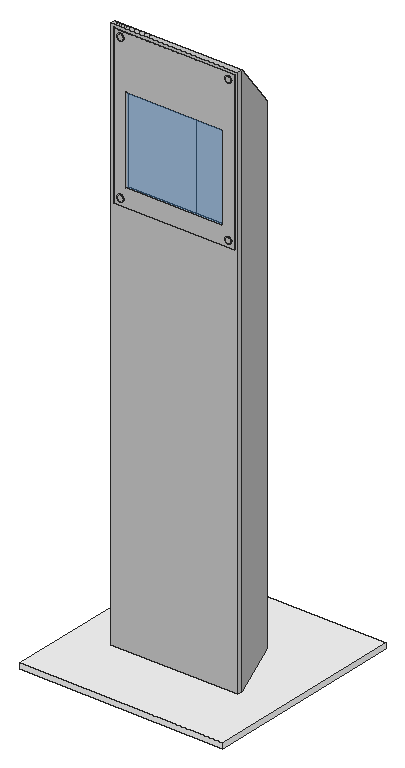
Revit family "BE_99560_de_DE", category Leuchten, Revit 2015
Parameters (values of type "BEGA_99560_Silber_K4")
  built-in parameter 1150104 = 14.662 (stored number, unit not read)
  Wattage = 17.9 W
  Default Elevation = 0 mm
  built-in parameter 1150113 = 1 (stored number, unit not read)
  built-in parameter 1114218 = 1 (stored number, unit not read)
  Umgebungstemperatur = ""
  URL = "http://www.bega.de/produkt/99560"
  Typenkommentare = "© 2016 BEGA. Wir behalten uns das Recht vor, technische Änderungen ohne vorherige Ankündigung vorzunehmen."  # constant formula
  Type Image = 99560.png
  built-in parameter 1150134 = 12
  built-in parameter 1150109 = 1 (stored number, unit not read)
  Strom = ""
  built-in parameter 1150110 = 1 (stored number, unit not read)
  Spannung = 239.996 V
  Sonderanfertigung = no
  Seriennummer [instance] = "Hier können Sie die eindeutige Seriennummer für das Facility Management eintragen."
  Schutzklasse = "I"
  Schutzart = "IP 65"
  Scheinlast = 0 VA
  Produktdatenblatt = "http://www.bega.de/download/Xrfa/db/99560.db.de.pdf"
  Oberflächentemperatur = ""
  Neigungswinkel = 0.00°
  Modell = "99560AK4"
  Material_18 = BEGA_Gummi_schwarz
  Material_17 = BEGA_Reflektor
  Material_15 = BEGA_Leuchtmedium_matt
  Material_11 = BEGA_Glas_opal
  Material_10 = BEGA_Glas_matt
  Material_09 = BEGA_Glas_klar
  Material_06 = BEGA_Oberfläche_Edelstahl_gebürstet
  Material_03 = BEGA_Oberfläche_Weiss_matt
  Material_02 = BEGA_Oberfläche_Silber_matt
  Material_01 [instance] = BEGA_Oberfläche_Grafit_matt
  M_W = no
  M_G = no
  M_A = yes
  Logo = 0
  built-in parameter 1114217 = 1 (stored number, unit not read)
  built-in parameter 1150139 = (empty or 0)
  built-in parameter 1150105 = 224.8 (stored number, unit not read)
  built-in parameter 1150114 = 1 (stored number, unit not read)
  Lumens = 2824.98 lm
  built-in parameter 1150115 = 1 (stored number, unit not read)
  Leuchtenlichtstrom = "1681 lm"
  Leuchtenanzahl = ""
  Lebensdauerkriterien = "L70 = 50.000 h"
  Lastklassifizierung = Beleuchtung
  built-in parameter 1150112 = 1 (stored number, unit not read)
  Lampenlichtstrom = "2825 lm"
  Lampe = "LED 17.9 W"
  LED_Modulbezeichnung = "LED-0503/940 "
  built-in parameter 1150142 = (empty or 0)
  Hersteller = "BEGA"  # constant formula
  Halbstreuwinkel = ""
  Gewicht = "9.3 kg"
  Gebrauchslageneinschränkung [instance] = ""
  Frequenz = "0/50-60 Hz"
  Farbwiedergabeindex = "Ra > 90"
  Farbtemperaturverschiebung bei Dämpfen der Lampe = <Keine Auswahl>
  Farbtemperatur = "4000 K"
  Farbfilter = 16777215
  Erdstück = yes
  built-in parameter 1150133 = 10 (stored number, unit not read)
  Energieeffizienzklasse = "LED A++ - A"
  built-in parameter 1150137 = (empty or 0)
  built-in parameter 1150132 = (empty or 0)
  ENEC = ""
  Dimmbar [instance] = ""
  Datei für fotometrisches Netz = "BE_99560K4.IES"
  CE_Konformität = "ja"
  Bestellnummer_Erdstück = ""
  Bestellnummer = "99560AK4"
  Beschreibung_Sonderanfertigung = "Hier können Sie Informationen zur Sonderanfertigung eintragen."
  Beschreibung = "Pollerleuchte"
  built-in parameter 1150106 = 2.248 (stored number, unit not read)
  Befestigungsbohrung = ""
  Befestigungsabstand = ""
  Ballwurfsicher = ""
  BEGA_Intern_aus = yes
  BEGA_Intern_an = yes
  BEGA_Intern_Konstruktion = yes
  BEGA_Intern = yes
  BEGA_IES = yes
  BEGA_Dummy = no
  Anschlussleitung = ""
  Anschlussleistung [instance] = "22 W"
  Anschlusskasten = ""
  built-in parameter 1150107 = 4000 (stored number, unit not read)
  built-in parameter 1150102 = (empty or 0)
  built-in parameter 1150138 = (empty or 0)
  Aktualisierung = "2016-11-15T04:13:55"
  Abstand_zur_angestrahlten_Fläche [instance] = ""
  AC/DC = "AC/DC"
Types (4, lengths in mm): name | built-in parameter 1150104 | built-in parameter 1150134 | Modell | M_G | M_A | built-in parameter 1150105 | Lumens | Leuchtenlichtstrom | Lampenlichtstrom | LED_Modulbezeichnung | Farbtemperatur | Datei für fotometrisches Netz | Bestellnummer | built-in parameter 1150106 | built-in parameter 1150107
  BEGA_99560_Grafit_K3 | 14.221 (stored number, unit not read) | (empty or 0) | "99560" | yes | no | 218.04 (stored number, unit not read) | 2739.95 lm | "1631 lm" | "2740 lm" | "LED-0503/930 " | "3000 K" | "BE_99560.IES" | "99560" | 2.1804 (stored number, unit not read) | 3000 (stored number, unit not read)
  BEGA_99560_Grafit_K4 | 14.662 (stored number, unit not read) | 12 | "99560K4" | yes | no | 224.8 (stored number, unit not read) | 2824.98 lm | "1681 lm" | "2825 lm" | "LED-0503/940 " | "4000 K" | "BE_99560K4.IES" | "99560K4" | 2.248 (stored number, unit not read) | 4000 (stored number, unit not read)
  BEGA_99560_Silber_K4 | 14.662 (stored number, unit not read) | 12 | "99560AK4" | no | yes | 224.8 (stored number, unit not read) | 2824.98 lm | "1681 lm" | "2825 lm" | "LED-0503/940 " | "4000 K" | "BE_99560K4.IES" | "99560AK4" | 2.248 (stored number, unit not read) | 4000 (stored number, unit not read)
  BEGA_99560_Silber_K3 | 14.221 (stored number, unit not read) | (empty or 0) | "99560A" | no | yes | 218.04 (stored number, unit not read) | 2739.95 lm | "1631 lm" | "2740 lm" | "LED-0503/930 " | "3000 K" | "BE_99560.IES" | "99560A" | 2.1804 (stored number, unit not read) | 3000 (stored number, unit not read)
Reference planes
  plane 1 "Mitte (Vorne/Hinten)": y = 0
  plane 2: z = 0
  plane 3 "Mitte (Links/Rechts)": x = 0
  plane 4 "Links": x = -125
  plane 5 "Rechts": x = 125
  plane 6 "Unten": y = -70
  plane 7 "Oben": y = 69.957
  plane 8 "Vorne": z = 1099.75
  plane 9 "Hinten": z = 0
Forms (mm)
  Extrusion 1, solid, material "BEGA_Platte_Weiss"
    sketch origin (0, -1119.2, 0) x (1, 0, 0) y (0, 1, 0)
      loop
        line (-200, 1319.2) -> (-200, 919.2) -> (200, 919.2) -> (200, 1319.2) -> (-200, 1319.2)
    from 0 to -10
  Extrusion 2, solid, material "BEGA_Dummy_matt", visible <- "BEGA_Dummy"
    sketch origin (80.095, -76.023, 0) x (1, 0, 0) y (0, 1, 0)
      loop
        line (-205.095, 145.98) -> (-205.095, 6.023) -> (44.905, 6.023) -> (44.905, 145.98) -> (-205.095, 145.98)
    from 0 to 1099.75
Dimensions and locks
  plane 1 "Mitte (Vorne/Hinten)" to Extrusion 1 = 200 mm
  aligned and locked: plane 2 to Extrusion 1
  aligned and locked: level to Extrusion 1
Nested families
  nested 1: "BE_99560" at (0, 0, 0), type "BE_99560"
Connectors
  electrical at (0, 0, 0), driven by "Lastklassifizierung", driven by "Spannung", driven by "Scheinlast"
    settings: index 1, voltage 239.996 V, apparent load 0 VA, apparent load phase1 0 VA, apparent load phase2 0 VA, apparent load phase3 0 VA, power factor 1, load classification "Beleuchtung", number of poles 1, system type 31, power factor state 1, is connector primary yes, connector utility no, sub classification motor no, connector description ""
Definition of nested family "BE_99560"
  Parameters (values of type "BE_99560")
    Default Elevation = 1 mm
    URL = "http://www.bega.de/de/produkt"
    Type Comments = "© 2015 BEGA. Wir behalten uns das Recht vor, technische Änderungen ohne vorherige Ankündigung vorzunehmen. "  # constant formula
    Type Image = (empty or 0)
    Material_18 = none
    Material_17 = none
    Material_15 = none
    Material_11 = none
    Material_10 = none
    Material_09 = none
    Material_06 = none
    Material_03 = none
    Material_02 = none
    Material_01 = none
    M_W = yes
    M_G = yes
    M_A = yes
    Länge_Platte = 400 mm  # constant formula
    Höhe_Platte = -10 mm  # constant formula
    Manufacturer = "BEGA"  # constant formula
    Breite_Platte = 200 mm  # constant formula
  Reference planes
    plane 1 "Mitte (Oben/Unten)": y = 0
    plane 2: z = 0
    plane 3 "Mitte (Links/Rechts)": x = 0
    plane 4: x = -125
    plane 5: x = 125
    plane 6: z = 1099.75
    plane 7: y = 69.957
    plane 8: y = -69.957
  Forms (mm)
    Extrusion 1, solid, detail levels medium
      sketch origin (0, 0, 0) x (1, 0, 0) y (0, 1, 0)
        loop
          line (-200, 100) -> (-200, -100) -> (200, -100) -> (200, 100) -> (-200, 100)
      from 0 to -10 <- "Höhe_Platte"
    Revolve 2, solid, material <- "Material_01", visible <- "M_G", detail levels medium+fine
      sketch origin (0, 0, 0) x (0, 1, 0) y (0, 0, 1)
        loop
          line (64.999, 0) -> (64.999, 5) -> (0, 5) -> (0, 0) -> (64.999, 0)
        axis (0, 0) -> (0, 5)
      angle from 0 to 360
    Extrusion 3, void
      sketch origin (0, 0, 0) x (1, 0, 0) y (0, 1, 0)
        loop
          arc (10.611, 37.027) -> (-0.007, 38.517) -> (-10.625, 37.023) r 38.517
          arc (-10.625, 37.023) -> (-13.028, 32.671) -> (-8.678, 30.263) r 3.517
          arc (-8.678, 30.263) -> (0, 31.483) -> (8.677, 30.263) r 31.483
          arc (8.677, 30.263) -> (13.029, 32.677) -> (10.611, 37.027) r 3.517
        loop
          arc (-30.55, -7.606) -> (-34.816, -5.056) -> (-37.373, -9.319) r 3.517
          arc (-37.373, -9.319) -> (-33.355, -19.262) -> (-26.752, -27.711) r 38.517
          arc (-26.752, -27.711) -> (-21.78, -27.619) -> (-21.869, -22.647) r 3.517
          arc (-21.869, -22.647) -> (-27.267, -15.737) -> (-30.55, -7.606) r 31.483
        loop
          arc (37.376, -9.31) -> (34.808, -5.053) -> (30.548, -7.616) r 3.517
          arc (30.548, -7.616) -> (27.264, -15.743) -> (21.866, -22.65) r 31.483
          arc (21.866, -22.65) -> (21.785, -27.622) -> (26.757, -27.707) r 3.517
          arc (26.757, -27.707) -> (33.36, -19.255) -> (37.376, -9.31) r 38.517
        loop
          arc (-12.536, -43.72) -> (-18.13, -46.827) -> (-15.014, -52.416) r 4.521
          arc (-15.014, -52.416) -> (0.001, -54.524) -> (15.016, -52.416) r 54.519
          arc (15.016, -52.416) -> (18.131, -46.826) -> (12.537, -43.719) r 4.521
          arc (12.537, -43.719) -> (0.001, -45.481) -> (-12.536, -43.72) r 45.489
        loop
          arc (44.131, 11.004) -> (49.615, 7.712) -> (52.902, 13.199) r 4.521
          arc (52.902, 13.199) -> (47.217, 27.266) -> (37.876, 39.221) r 54.52
          arc (37.876, 39.221) -> (31.483, 39.11) -> (31.594, 32.717) r 4.521
          arc (31.594, 32.717) -> (39.388, 22.741) -> (44.131, 11.004) r 45.489
        loop
          arc (-31.594, 32.716) -> (-31.486, 39.112) -> (-37.881, 39.216) r 4.521
          arc (-37.881, 39.216) -> (-47.218, 27.265) -> (-52.901, 13.204) r 54.519
          arc (-52.901, 13.204) -> (-49.619, 7.711) -> (-44.131, 11.002) r 4.521
          arc (-44.131, 11.002) -> (-39.388, 22.74) -> (-31.594, 32.716) r 45.489
        loop
          circle (0, 0) r 21.5
      from 0 to 8.574
    Extrusion 4, solid, material <- "Material_01", visible <- "M_G", detail levels medium+fine
      sketch origin (0, 0, 0) x (1, 0, 0) y (0, 1, 0)
        loop
          line (-125, -60.824) -> (-125, -70) -> (125, -70) -> (125, -60.828) -> (69.45, 70) -> (-69.45, 70) -> (-125, -60.824)
        loop
          line (-67.5, 67.7) -> (-121.7, -59.945) -> (-121.7, -66.7) -> (121.7, -66.7) -> (121.7, -59.945) -> (67.5, 67.7) -> (-67.5, 67.7)
      from 2 to 1099.75
    Extrusion 5, void
      sketch origin (0, 0, 0) x (0, 1, 0) y (0, 0, 1)
        loop
          line (-65, 1104.401) -> (75, 964.401) -> (75, 1104.401) -> (-65, 1104.401)
      from -133.772 to 134.901
    Extrusion 6, void
      sketch origin (0, 0, 0) x (1, 0, 0) y (0, 0, 1)
        loop
          line (-119, 783.882) -> (119, 783.882) -> (119, 1093.75) -> (-119, 1093.75) -> (-119, 783.882)
      from 60.824 to 80.304
    Extrusion 7, solid, material <- "Material_01", visible <- "M_G", detail levels medium+fine
      sketch origin (0, 0, 0) x (0, 1, 0) y (0, 0, 1)
        loop
          line (-60.349, 1099.75) -> (-68.677, 1099.75) -> (-68.677, 1096.398) -> (-60.824, 1096.398) -> (68.087, 967.487) -> (70, 969.401) -> (-60.349, 1099.75)
      from -125 to 125
    Extrusion 8, void
      sketch origin (0, 0, 0) x (1, 0, 0) y (0, 1, 0)
        loop
          line (-67.327, 75) -> (-129.45, 75) -> (-129.45, -71.304) -> (-67.327, 75)
        loop
          line (67.327, 75) -> (129.45, -71.304) -> (129.45, 75) -> (67.327, 75)
      from 934.807 to 1118.812
    Extrusion 9, solid, material <- "Material_01", visible <- "M_G", detail levels medium+fine
      sketch origin (0, 0, 0) x (1, 0, 0) y (0, 0, 1)
        loop
          line (-118.717, 784.161) -> (118.717, 784.161) -> (118.717, 1093.45) -> (-118.717, 1093.45) -> (-118.717, 784.161)
        loop
          line (-95.896, 987.715) -> (-95.896, 818.487) -> (95.896, 818.487) -> (95.896, 987.715) -> (-95.896, 987.715)
      from 64.232 to 70
    Extrusion 10, solid, material <- "Material_01", visible <- "M_G", detail levels medium+fine
      sketch origin (0, 0, 0) x (1, 0, 0) y (0, 1, 0)
        loop
          circle (0, 0) r 64.999
        loop
          line (-121.7, -59.945) -> (-121.7, -66.7) -> (121.7, -66.7) -> (121.7, -59.945) -> (67.5, 67.7) -> (-67.5, 67.7) -> (-121.7, -59.945)
      from 5 to 15.378
    Revolve 11, void
      sketch origin (0, 0, 0) x (0, 1, 0) y (0, 0, 1)
        loop
          line (70.24, 25.694) -> (66.535, 25.694) -> (66.535, 21.494) -> (70.24, 21.494) -> (70.24, 25.694)
        axis (70.24, 21.494) -> (66.535, 21.494)
      angle from 0 to 360
    Revolve 12, solid, material <- "Material_06", detail levels fine
      sketch origin (0, 0, 0) x (0, 1, 0) y (0, 0, 1)
        loop
          line (70.639, 25.494) -> (67.7, 25.494) -> (67.7, 21.494) -> (71.239, 21.494) -> (71.239, 24.894) -> (70.639, 25.494)
        axis (71.239, 21.494) -> (67.7, 21.494)
      angle from 0 to 360
    Extrusion 13, solid, material <- "Material_06", detail levels fine
      sketch origin (0, 0, 0) x (1, 0, 0) y (0, 0, 1)
        loop
          circle (-106.227, 1080.977) r 6
        loop
          circle (-106.227, 796.655) r 6
        loop
          circle (106.227, 1080.977) r 6
        loop
          circle (106.227, 796.655) r 6
      from 66.7 to 70
    Revolve 14, void
      sketch origin (-106.227, 0, 0) x (0, 1, 0) y (0, 0, 1)
        loop
          line (-66.3, 1083.827) -> (-70.517, 1088.043) -> (-70.517, 1080.977) -> (-66.3, 1080.977) -> (-66.3, 1083.827)
        axis (-70.517, 1080.977) -> (-66.3, 1080.977)
      angle from 0 to 360
    Revolve 15, void
      sketch origin (106.227, 0, 0) x (0, 1, 0) y (0, 0, -1)
        loop
          line (-66.3, -1083.827) -> (-66.3, -1080.977) -> (-70.517, -1080.977) -> (-70.517, -1088.043) -> (-66.3, -1083.827)
        axis (-70.517, -1080.977) -> (-66.3, -1080.977)
      angle from 0 to 360
    Revolve 16, void
      sketch origin (-106.227, 0, -284.322) x (0, 1, 0) y (0, 0, 1)
        loop
          line (-66.3, 1083.827) -> (-70.517, 1088.043) -> (-70.517, 1080.977) -> (-66.3, 1080.977) -> (-66.3, 1083.827)
        axis (-70.517, 1080.977) -> (-66.3, 1080.977)
      angle from 0 to 360
    Revolve 17, void
      sketch origin (106.227, 0, -284.322) x (0, 1, 0) y (0, 0, -1)
        loop
          line (-66.3, -1083.827) -> (-66.3, -1080.977) -> (-70.517, -1080.977) -> (-70.517, -1088.043) -> (-66.3, -1083.827)
        axis (-70.517, -1080.977) -> (-66.3, -1080.977)
      angle from 0 to 360
    Revolve 18, solid, material <- "Material_02", visible <- "M_A", detail levels medium+fine
      sketch origin (0, 0, 0) x (0, 1, 0) y (0, 0, 1)
        loop
          line (64.999, 0) -> (64.999, 5) -> (0, 5) -> (0, 0) -> (64.999, 0)
        axis (0, 0) -> (0, 5)
      angle from 0 to 360
    Extrusion 19, solid, material <- "Material_02", visible <- "M_A", detail levels medium+fine
      sketch origin (0, 0, 0) x (1, 0, 0) y (0, 1, 0)
        loop
          line (-125, -60.824) -> (-125, -70) -> (125, -70) -> (125, -60.828) -> (69.45, 70) -> (-69.45, 70) -> (-125, -60.824)
        loop
          line (-67.5, 67.7) -> (-121.7, -59.945) -> (-121.7, -66.7) -> (121.7, -66.7) -> (121.7, -59.945) -> (67.5, 67.7) -> (-67.5, 67.7)
      from 2 to 1099.75
    Extrusion 20, solid, material <- "Material_02", visible <- "M_A", detail levels medium+fine
      sketch origin (0, 0, 0) x (0, 1, 0) y (0, 0, 1)
        loop
          line (-60.349, 1099.75) -> (-68.677, 1099.75) -> (-68.677, 1096.398) -> (-60.824, 1096.398) -> (68.087, 967.487) -> (70, 969.401) -> (-60.349, 1099.75)
      from -125 to 125
    Extrusion 21, solid, material <- "Material_02", visible <- "M_A", detail levels medium+fine
      sketch origin (0, 0, 0) x (1, 0, 0) y (0, 1, 0)
        loop
          circle (0, 0) r 64.999
        loop
          line (-121.7, -59.945) -> (-121.7, -66.7) -> (121.7, -66.7) -> (121.7, -59.945) -> (67.5, 67.7) -> (-67.5, 67.7) -> (-121.7, -59.945)
      from 5 to 15.378
    Extrusion 22, void
      sketch origin (0, 0, 0) x (1, 0, 0) y (0, 1, 0)
        loop
          line (-67.327, 75) -> (-129.45, 75) -> (-129.45, -71.304) -> (-67.327, 75)
        loop
          line (67.327, 75) -> (129.45, -71.304) -> (129.45, 75) -> (67.327, 75)
      from 934.807 to 1118.812
    Extrusion 23, solid, material <- "Material_02", visible <- "M_A", detail levels medium+fine
      sketch origin (0, 0, 0) x (1, 0, 0) y (0, 0, 1)
        loop
          line (-118.717, 784.161) -> (118.717, 784.161) -> (118.717, 1093.45) -> (-118.717, 1093.45) -> (-118.717, 784.161)
        loop
          line (-95.896, 987.715) -> (-95.896, 818.487) -> (95.896, 818.487) -> (95.896, 987.715) -> (-95.896, 987.715)
      from 64.232 to 70
    Extrusion 24, solid, material <- "Material_10", detail levels medium+fine
      sketch origin (0, 0, 0) x (0, 1, 0) y (0, 0, 1)
        loop
          line (-61.973, 991.833) -> (-66.973, 991.833) -> (-66.973, 814.333) -> (-61.973, 814.333) -> (-61.973, 991.833)
      from -99.946 to 100
  Cuts and joins
    Extrusion 3 cuts Revolve 2
    Extrusion 5, Extrusion 6, Extrusion 8, Revolve 11, Extrusion 22 cuts Extrusion 4
    Extrusion 8, Revolve 11, Extrusion 22 cuts Extrusion 7
    Revolve 11, Extrusion 22 cuts Extrusion 10
    joined: Extrusion 4, Extrusion 7, Extrusion 10
    Revolve 14, Revolve 15, Revolve 16, Revolve 17 cuts Extrusion 9
    Extrusion 3 cuts Revolve 18
    Extrusion 5, Extrusion 6, Revolve 11, Extrusion 22 cuts Extrusion 19
    Extrusion 22 cuts Extrusion 20
    joined: Extrusion 19, Extrusion 20, Extrusion 21
    Revolve 14, Revolve 15, Revolve 16, Revolve 17 cuts Extrusion 23
  Dimensions and locks
    equal spacing: Extrusion 1 sketch curve, plane 3 "Mitte (Links/Rechts)", Extrusion 1 sketch curve
    equal spacing: Extrusion 1 sketch curve, plane 1 "Mitte (Oben/Unten)", Extrusion 1 sketch curve
    "Länge_Platte": Extrusion 1 sketch curve to Extrusion 1 sketch curve
    "Breite_Platte": Extrusion 1 sketch curve to Extrusion 1 sketch curve
    aligned and locked: Extrusion 1 to plane 2
    aligned and locked: level to Extrusion 1
  Automatic sketch dimensions
    Revolve 2 sketch curve to level = 0 mm
    Revolve 2 sketch curve to plane 1 "Mitte (Oben/Unten)" = 0 mm  (x2)
    level to Revolve 2 sketch curve = 5 mm
    Revolve 2 sketch curve to Revolve 2 sketch curve = 64.999 mm
    Revolve 2 sketch curve to Revolve 2 sketch curve = 2.25 mm
    Revolve 2 sketch curve to Revolve 2 sketch curve = 3.611 mm
    Extrusion 3 sketch curve to Extrusion 3 sketch curve = 0 mm  (x27)
    plane 1 "Mitte (Oben/Unten)" to Extrusion 3 sketch curve = 0 mm  (x2)
    Extrusion 3 sketch curve to plane 1 "Mitte (Oben/Unten)" = 12.096 mm
    Extrusion 3 sketch curve to plane 3 "Mitte (Links/Rechts)" = 48.518 mm
    Extrusion 3 sketch curve to Extrusion 3 sketch curve = 13.782 mm
    plane 1 "Mitte (Oben/Unten)" to Extrusion 3 sketch curve = 8.468 mm
    Extrusion 3 sketch curve to Extrusion 3 sketch curve = 14.557 mm  (x2)
    Extrusion 3 sketch curve to Extrusion 3 sketch curve = 9.648 mm
    Extrusion 3 sketch curve to plane 3 "Mitte (Links/Rechts)" = 13.782 mm
    Extrusion 3 sketch curve to plane 3 "Mitte (Links/Rechts)" = 9.648 mm
    Extrusion 3 sketch curve to plane 3 "Mitte (Links/Rechts)" = 0.007 mm
    Extrusion 3 sketch curve to plane 3 "Mitte (Links/Rechts)" = 0.004 mm
    plane 3 "Mitte (Links/Rechts)" to Extrusion 3 sketch curve = 0 mm  (x3)
    Extrusion 3 sketch curve to plane 1 "Mitte (Oben/Unten)" = 0 mm  (x2)
    plane 3 "Mitte (Links/Rechts)" to Extrusion 3 sketch curve = 0.004 mm
    plane 3 "Mitte (Links/Rechts)" to Extrusion 3 sketch curve = 0.007 mm
    plane 3 "Mitte (Links/Rechts)" to Extrusion 3 sketch curve = 9.647 mm
    plane 3 "Mitte (Links/Rechts)" to Extrusion 3 sketch curve = 13.783 mm
    plane 3 "Mitte (Links/Rechts)" to Extrusion 3 sketch curve = 24.314 mm
    plane 1 "Mitte (Oben/Unten)" to Extrusion 3 sketch curve = 8.467 mm
    Extrusion 3 sketch curve to Extrusion 3 sketch curve = 9.647 mm
    Extrusion 3 sketch curve to Extrusion 3 sketch curve = 25.088 mm
    Extrusion 3 sketch curve to plane 1 "Mitte (Oben/Unten)" = 12.098 mm
    Extrusion 3 sketch curve to Extrusion 3 sketch curve = 16.71 mm
    Extrusion 3 sketch curve to Extrusion 3 sketch curve = 16.709 mm
    Extrusion 3 sketch curve to Extrusion 3 sketch curve = 22.889 mm  (x2)
    Extrusion 3 sketch curve to Extrusion 3 sketch curve = 0.005 mm  (x2)
    plane 1 "Mitte (Oben/Unten)" to Extrusion 3 sketch curve = 0.004 mm  (x2)
    Extrusion 3 sketch curve to plane 1 "Mitte (Oben/Unten)" = 0.002 mm
    Extrusion 3 sketch curve to plane 1 "Mitte (Oben/Unten)" = 0.003 mm
    Extrusion 3 sketch curve to plane 1 "Mitte (Oben/Unten)" = 33.644 mm
    Extrusion 3 sketch curve to Extrusion 3 sketch curve = 2.324 mm
    Extrusion 3 sketch curve to Extrusion 3 sketch curve = 2.325 mm
    Extrusion 3 sketch curve to Extrusion 3 sketch curve = 4.383 mm
    Extrusion 3 sketch curve to Extrusion 3 sketch curve = 4.387 mm  (x2)
    Extrusion 3 sketch curve to Extrusion 3 sketch curve = 3.146 mm
    Extrusion 3 sketch curve to Extrusion 3 sketch curve = 3.413 mm  (x2)
    Extrusion 3 sketch curve to Extrusion 3 sketch curve = 3.141 mm  (x3)
    Extrusion 3 sketch curve to Extrusion 3 sketch curve = 3.41 mm
    Extrusion 3 sketch curve to Extrusion 3 sketch curve = 2.439 mm
    Extrusion 3 sketch curve to Extrusion 3 sketch curve = 2.443 mm  (x2)
    Extrusion 3 sketch curve to Extrusion 3 sketch curve = 1.233 mm
    Extrusion 3 sketch curve to Extrusion 3 sketch curve = 1.246 mm  (x2)
    Extrusion 3 sketch curve to Extrusion 3 sketch curve = 0.977 mm
    Extrusion 3 sketch curve to Extrusion 3 sketch curve = 0.97 mm
    Extrusion 3 sketch curve to Extrusion 3 sketch curve = 0.969 mm
    Extrusion 3 sketch curve to Extrusion 3 sketch curve = 0.964 mm
    Extrusion 3 sketch curve to Extrusion 3 sketch curve = 1.232 mm
    Extrusion 3 sketch curve to Extrusion 3 sketch curve = 2.447 mm
    Extrusion 3 sketch curve to Extrusion 3 sketch curve = 0.001 mm
    Extrusion 3 sketch curve to Extrusion 3 sketch curve = 3.415 mm
    Extrusion 3 sketch curve to Extrusion 3 sketch curve = 4.385 mm
    Extrusion 3 sketch curve to Extrusion 3 sketch curve = 0.843 mm
    Extrusion 3 sketch curve to Extrusion 3 sketch curve = 0.851 mm
    Extrusion 3 sketch curve to Extrusion 3 sketch curve = 2.527 mm
    Extrusion 3 sketch curve to Extrusion 3 sketch curve = 4.346 mm
    Extrusion 3 sketch curve to Extrusion 3 sketch curve = 1.094 mm
    Extrusion 3 sketch curve to Extrusion 3 sketch curve = 3.381 mm
    plane 1 "Mitte (Oben/Unten)" to Extrusion 4 sketch curve = 60.824 mm
    Extrusion 4 sketch curve to plane 3 "Mitte (Links/Rechts)" = 125 mm
    Extrusion 4 sketch curve to Extrusion 4 sketch curve = 3.3 mm  (x3)
    Extrusion 4 sketch curve to plane 3 "Mitte (Links/Rechts)" = 69.45 mm
    Extrusion 4 sketch curve to Extrusion 4 sketch curve = 1.95 mm  (x2)
    plane 3 "Mitte (Links/Rechts)" to Extrusion 4 sketch curve = 67.5 mm
    plane 3 "Mitte (Links/Rechts)" to Extrusion 4 sketch curve = 121.7 mm
    plane 1 "Mitte (Oben/Unten)" to Extrusion 4 sketch curve = 60.828 mm
    Extrusion 4 sketch curve to Extrusion 4 sketch curve = 5.876 mm
    Extrusion 4 sketch curve to Extrusion 4 sketch curve = 0.883 mm
    Extrusion 4 sketch curve to Extrusion 4 sketch curve = 0.879 mm
    Extrusion 4 sketch curve to plane 1 "Mitte (Oben/Unten)" = 67.7 mm
    Extrusion 4 sketch curve to Extrusion 4 sketch curve = 2.3 mm
    plane 1 "Mitte (Oben/Unten)" to Extrusion 5 sketch curve = 65 mm
    Extrusion 5 sketch curve to plane 1 "Mitte (Oben/Unten)" = 75 mm
    level to Extrusion 5 sketch curve = 964.401 mm
    Extrusion 5 sketch curve to Extrusion 5 sketch curve = 140 mm
    Extrusion 6 sketch curve to plane 3 "Mitte (Links/Rechts)" = 119 mm
    plane 3 "Mitte (Links/Rechts)" to Extrusion 6 sketch curve = 119 mm
    level to Extrusion 6 sketch curve = 783.882 mm
    Extrusion 6 sketch curve to Extrusion 6 sketch curve = 309.868 mm
    plane 1 "Mitte (Oben/Unten)" to Extrusion 7 sketch curve = 68.677 mm
    Extrusion 7 sketch curve to Extrusion 7 sketch curve = 7.852 mm
    Extrusion 7 sketch curve to Extrusion 7 sketch curve = 0.475 mm
    Extrusion 7 sketch curve to plane 1 "Mitte (Oben/Unten)" = 68.087 mm
    Extrusion 7 sketch curve to Extrusion 7 sketch curve = 1.913 mm  (x2)
    level to Extrusion 7 sketch curve = 967.487 mm
    Extrusion 8 sketch curve to plane 3 "Mitte (Links/Rechts)" = 129.45 mm
    Extrusion 8 sketch curve to Extrusion 8 sketch curve = 62.123 mm  (x2)
    plane 3 "Mitte (Links/Rechts)" to Extrusion 8 sketch curve = 67.327 mm
    plane 1 "Mitte (Oben/Unten)" to Extrusion 8 sketch curve = 71.304 mm  (x2)
    Extrusion 8 sketch curve to plane 1 "Mitte (Oben/Unten)" = 75 mm  (x2)
    plane 1 "Mitte (Oben/Unten)" to Extrusion 10 sketch curve = 0 mm
    Extrusion 10 sketch curve to plane 3 "Mitte (Links/Rechts)" = 0 mm
    Extrusion 10 sketch curve to plane 3 "Mitte (Links/Rechts)" = 67.5 mm
    plane 1 "Mitte (Oben/Unten)" to Extrusion 10 sketch curve = 59.945 mm  (x2)
    Extrusion 10 sketch curve to plane 3 "Mitte (Links/Rechts)" = 121.7 mm
    plane 3 "Mitte (Links/Rechts)" to Extrusion 10 sketch curve = 67.5 mm
    plane 3 "Mitte (Links/Rechts)" to Extrusion 10 sketch curve = 121.7 mm
    Extrusion 10 sketch curve to Extrusion 10 sketch curve = 6.755 mm
    Extrusion 10 sketch curve to plane 1 "Mitte (Oben/Unten)" = 67.7 mm
    level to Revolve 11 sketch curve = 25.694 mm
    Revolve 11 sketch curve to plane 1 "Mitte (Oben/Unten)" = 66.535 mm
    Revolve 11 sketch curve to Revolve 11 sketch curve = 3.705 mm
    Revolve 11 sketch curve to Revolve 11 sketch curve = 4.2 mm
    Revolve 11 sketch curve to Revolve 11 sketch curve = 0 mm  (x3)
    level to Revolve 12 sketch curve = 21.494 mm
    Revolve 12 sketch curve to plane 1 "Mitte (Oben/Unten)" = 67.7 mm
    Revolve 12 sketch curve to Revolve 12 sketch curve = 2.939 mm
    Revolve 12 sketch curve to Revolve 12 sketch curve = 0.6 mm  (x2)
    Revolve 12 sketch curve to Revolve 12 sketch curve = 3.4 mm
    Revolve 12 sketch curve to Revolve 12 sketch curve = 0 mm  (x3)
    Extrusion 13 sketch curve to plane 3 "Mitte (Links/Rechts)" = 106.227 mm  (x2)
    plane 3 "Mitte (Links/Rechts)" to Extrusion 13 sketch curve = 106.227 mm  (x2)
    level to Extrusion 13 sketch curve = 796.655 mm
    Extrusion 13 sketch curve to Extrusion 13 sketch curve = 0 mm  (x2)
    Extrusion 13 sketch curve to Extrusion 13 sketch curve = 284.322 mm
    plane 1 "Mitte (Oben/Unten)" to Revolve 14 sketch curve = 70.517 mm
    Revolve 14 sketch curve to Revolve 14 sketch curve = 4.217 mm  (x2)
    Revolve 14 sketch curve to Revolve 14 sketch curve = 0 mm  (x3)
    level to Revolve 14 sketch curve = 1080.977 mm
    Revolve 14 sketch curve to Revolve 14 sketch curve = 2.85 mm
    Revolve 14 sketch curve to Revolve 14 sketch curve = 0.517 mm
    plane 1 "Mitte (Oben/Unten)" to Revolve 15 sketch curve = 70.517 mm
    Revolve 15 sketch curve to Revolve 15 sketch curve = 4.217 mm  (x2)
    Revolve 15 sketch curve to Revolve 15 sketch curve = 0 mm  (x3)
    level to Revolve 15 sketch curve = 1088.043 mm
    Revolve 15 sketch curve to Revolve 15 sketch curve = 2.85 mm
    Revolve 15 sketch curve to Revolve 15 sketch curve = 0.517 mm
    plane 1 "Mitte (Oben/Unten)" to Revolve 16 sketch curve = 70.517 mm
    Revolve 16 sketch curve to Revolve 16 sketch curve = 4.217 mm  (x2)
    Revolve 16 sketch curve to Revolve 16 sketch curve = 0 mm  (x3)
    level to Revolve 16 sketch curve = 796.655 mm
    Revolve 16 sketch curve to Revolve 16 sketch curve = 2.85 mm
    Revolve 16 sketch curve to Revolve 16 sketch curve = 0.517 mm
    plane 1 "Mitte (Oben/Unten)" to Revolve 17 sketch curve = 70.517 mm
    Revolve 17 sketch curve to Revolve 17 sketch curve = 4.217 mm  (x2)
    Revolve 17 sketch curve to Revolve 17 sketch curve = 0 mm  (x3)
    level to Revolve 17 sketch curve = 803.722 mm
    Revolve 17 sketch curve to Revolve 17 sketch curve = 2.85 mm
    Revolve 17 sketch curve to Revolve 17 sketch curve = 0.517 mm
    Revolve 18 sketch curve to level = 0 mm
    Revolve 18 sketch curve to plane 1 "Mitte (Oben/Unten)" = 0 mm  (x2)
    level to Revolve 18 sketch curve = 5 mm
    Revolve 18 sketch curve to Revolve 18 sketch curve = 64.999 mm
    Revolve 18 sketch curve to Revolve 18 sketch curve = 2.25 mm
    Revolve 18 sketch curve to Revolve 18 sketch curve = 3.611 mm
    plane 1 "Mitte (Oben/Unten)" to Extrusion 19 sketch curve = 60.824 mm
    Extrusion 19 sketch curve to plane 3 "Mitte (Links/Rechts)" = 125 mm
    Extrusion 19 sketch curve to Extrusion 19 sketch curve = 3.3 mm  (x3)
    Extrusion 19 sketch curve to plane 3 "Mitte (Links/Rechts)" = 69.45 mm
    Extrusion 19 sketch curve to Extrusion 19 sketch curve = 1.95 mm  (x2)
    plane 3 "Mitte (Links/Rechts)" to Extrusion 19 sketch curve = 67.5 mm
    plane 3 "Mitte (Links/Rechts)" to Extrusion 19 sketch curve = 121.7 mm
    plane 1 "Mitte (Oben/Unten)" to Extrusion 19 sketch curve = 60.828 mm
    Extrusion 19 sketch curve to Extrusion 19 sketch curve = 5.876 mm
    Extrusion 19 sketch curve to Extrusion 19 sketch curve = 0.883 mm
    Extrusion 19 sketch curve to Extrusion 19 sketch curve = 0.879 mm
    Extrusion 19 sketch curve to plane 1 "Mitte (Oben/Unten)" = 67.7 mm
    Extrusion 19 sketch curve to Extrusion 19 sketch curve = 2.3 mm
    plane 1 "Mitte (Oben/Unten)" to Extrusion 20 sketch curve = 68.677 mm
    Extrusion 20 sketch curve to Extrusion 20 sketch curve = 7.852 mm
    Extrusion 20 sketch curve to Extrusion 20 sketch curve = 0.475 mm
    Extrusion 20 sketch curve to plane 1 "Mitte (Oben/Unten)" = 68.087 mm
    Extrusion 20 sketch curve to Extrusion 20 sketch curve = 1.913 mm  (x2)
    level to Extrusion 20 sketch curve = 967.487 mm
    plane 1 "Mitte (Oben/Unten)" to Extrusion 21 sketch curve = 0 mm
    Extrusion 21 sketch curve to plane 3 "Mitte (Links/Rechts)" = 0 mm
    Extrusion 21 sketch curve to plane 3 "Mitte (Links/Rechts)" = 67.5 mm
    plane 1 "Mitte (Oben/Unten)" to Extrusion 21 sketch curve = 59.945 mm  (x2)
    Extrusion 21 sketch curve to plane 3 "Mitte (Links/Rechts)" = 121.7 mm
    plane 3 "Mitte (Links/Rechts)" to Extrusion 21 sketch curve = 67.5 mm
    plane 3 "Mitte (Links/Rechts)" to Extrusion 21 sketch curve = 121.7 mm
    Extrusion 21 sketch curve to Extrusion 21 sketch curve = 6.755 mm
    Extrusion 21 sketch curve to plane 1 "Mitte (Oben/Unten)" = 67.7 mm
    Extrusion 22 sketch curve to plane 3 "Mitte (Links/Rechts)" = 129.45 mm
    Extrusion 22 sketch curve to Extrusion 22 sketch curve = 62.123 mm  (x2)
    plane 3 "Mitte (Links/Rechts)" to Extrusion 22 sketch curve = 67.327 mm
    plane 1 "Mitte (Oben/Unten)" to Extrusion 22 sketch curve = 71.304 mm  (x2)
    Extrusion 22 sketch curve to plane 1 "Mitte (Oben/Unten)" = 75 mm  (x2)
    plane 4 to Extrusion 23 sketch curve = 6.283 mm
    plane 4 to Extrusion 23 sketch curve = 29.104 mm
    plane 5 to Extrusion 23 sketch curve = 29.104 mm
    plane 5 to Extrusion 23 sketch curve = 6.283 mm
    plane 6 to Extrusion 23 sketch curve = 315.589 mm
    Extrusion 23 sketch curve to Extrusion 23 sketch curve = 34.326 mm
    plane 6 to Extrusion 23 sketch curve = 112.035 mm
    plane 6 to Extrusion 23 sketch curve = 6.3 mm
    plane 4 to Extrusion 9 sketch curve = 6.283 mm
    plane 4 to Extrusion 9 sketch curve = 29.104 mm
    plane 5 to Extrusion 9 sketch curve = 29.104 mm
    plane 5 to Extrusion 9 sketch curve = 6.283 mm
    plane 6 to Extrusion 9 sketch curve = 315.589 mm
    Extrusion 9 sketch curve to Extrusion 9 sketch curve = 34.326 mm
    plane 6 to Extrusion 9 sketch curve = 112.035 mm
    plane 6 to Extrusion 9 sketch curve = 6.3 mm
    Extrusion 24 sketch curve to plane 8 = 2.985 mm
    Extrusion 24 sketch curve to Extrusion 24 sketch curve = 5 mm
    plane 6 to Extrusion 24 sketch curve = 285.417 mm
    plane 6 to Extrusion 24 sketch curve = 107.917 mm
    radius of Extrusion 3 sketch curve = 21.5 mm
    radius of Extrusion 10 sketch curve = 64.999 mm
    radius of Extrusion 13 sketch curve = 6 mm  (x4)
    radius of Extrusion 21 sketch curve = 64.999 mm
